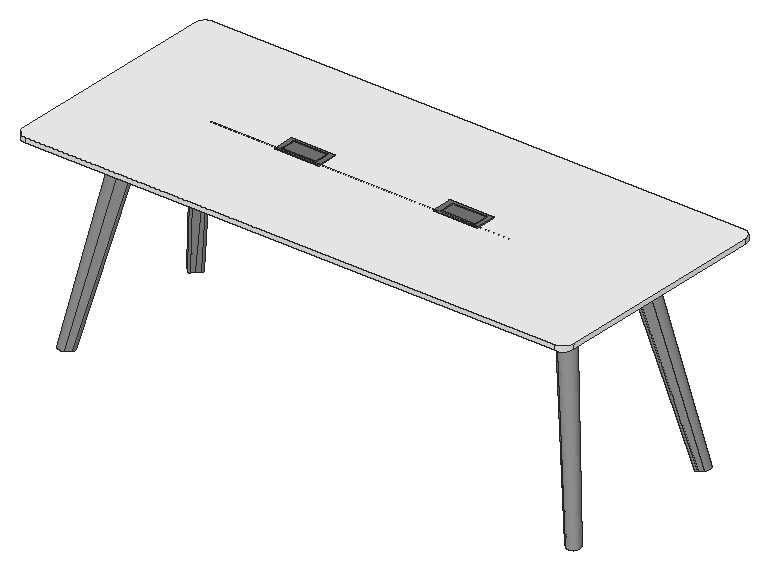
Revit family "GD1 Rectangular Poseur Height", category Furniture, Revit 2019
Family settings
  OmniClass Number = 23.40.20.00
  OmniClass Title = General Furniture and Specialties
  Work Plane-Based = No
  Always vertical = Yes
  Cut with Voids When Loaded = No
  Shared = No
  Room Calculation Point = No
Parameters (values of type "2800 x 1200 C/W Power")
  Width = 2800 mm
  URL = "www.gof.co.uk"
  Table Top = Gresham - White MFC
  Range = "GD1"
  Product Code = "GD1C4"
  Power Module = yes
  Manufacturer = "Gresham Office Furniture"  # constant formula
  Frame = Gresham - Black Metal
  Depth = 1200 mm
  Assembly Code = "E2020200"
Types (7, lengths in mm): name | Width | Product Code | Power Module | Depth
  (no name) | 2800 | "GD1C4" | yes | 1200
  2000 x 1000 | 2000 | "GD1A2" | no | 1000
  2400 x 1200 | 2400 | "GD1B2" | no | 1200
  2800 x 1200 | 2800 | "GD1C2" | no | 1200
  2000 x 1000 C/W Power | 2000 | "GD1A4" | yes | 1000
  2400 x 1200 C/W Power | 2400 | "GD1B4" | yes | 1200
  2800 x 1200 C/W Power | 2800 | "GD1C4" | yes | 1200
Reference planes
  plane 1 "Center (Front/Back)": y = 0
  plane 2: z = 0
  plane 3 "Center (Left/Right)": x = 0
  plane 4: x = 1400
  plane 5: x = -1400
  plane 6: y = 600
  plane 7: y = -600
  plane 8 "Foot": z = 10
  plane 9 "Poseur Underside": z = 1004
Forms (mm)
  Extrusion 1, solid, material "Gresham - White MFC" <- "Table Top"
    sketch origin (0, 0, 1004) x (-1, 0, 0) y (0, -1, 0)
      loop
        line (-1345, -600) -> (1345, -600)
        arc (1345, -600) -> (1383.891, -583.891) -> (1400, -545) r 55
        line (1400, -545) -> (1400, 545)
        arc (1400, 545) -> (1383.891, 583.891) -> (1345, 600) r 55
        line (1345, 600) -> (-1345, 600)
        arc (-1345, 600) -> (-1383.891, 583.891) -> (-1400, 545) r 55
        line (-1400, 545) -> (-1400, -545)
        arc (-1400, -545) -> (-1383.891, -583.891) -> (-1345, -600) r 55
    from 0 to 25
  Extrusion 2, solid, material "Gresham - Black Metal" <- "Frame", detail levels medium+fine
    sketch origin (-13.775, 111.837, -0.834) x (0, 1, 0) y (0, 0, 1)
      loop
        line (-14.939, 967.004) -> (-14.939, 937.004)
        arc (-14.939, 937.004) -> (0.061, 922.004) -> (15.061, 937.004) r 15
        line (15.061, 937.004) -> (15.061, 967.004)
        arc (15.061, 967.004) -> (0.061, 982.004) -> (-14.939, 967.004) r 15
    from -947.554 to 975.104
  Extrusion 3, solid, material "Gresham - Black Metal" <- "Frame", detail levels medium+fine
    sketch origin (-2.399, 2.07, 0) x (1, 0, 0) y (0, 0, 1)
      loop
        line (1008.727, 936.17) -> (1008.727, 966.17)
        arc (1008.727, 966.17) -> (993.727, 981.17) -> (978.727, 966.17) r 15
        line (978.727, 966.17) -> (978.727, 936.17)
        arc (978.727, 936.17) -> (993.727, 921.17) -> (1008.727, 936.17) r 15
    from -79.83 to 83.97
  Extrusion 4, solid, material "Gresham - Black Metal" <- "Frame", detail levels medium+fine
    sketch origin (2.399, 2.07, 0) x (-1, 0, 0) y (0, 0, -1)
      loop
        arc (1008.727, -936.17) -> (993.727, -921.17) -> (978.727, -936.17) r 15
        line (978.727, -936.17) -> (978.727, -966.17)
        arc (978.727, -966.17) -> (993.727, -981.17) -> (1008.727, -966.17) r 15
        line (1008.727, -966.17) -> (1008.727, -936.17)
    from -79.83 to 83.97
  Extrusion 5, solid, material "Gresham - Black Metal" <- "Frame", detail levels medium+fine
    sketch origin (-13.775, -111.837, -0.834) x (0, -1, 0) y (0, 0, -1)
      loop
        arc (-14.939, -967.004) -> (0.061, -982.004) -> (15.061, -967.004) r 15
        line (15.061, -967.004) -> (15.061, -937.004)
        arc (15.061, -937.004) -> (0.061, -922.004) -> (-14.939, -937.004) r 15
        line (-14.939, -937.004) -> (-14.939, -967.004)
    from -947.554 to 975.104
Dimensions and locks
  equal spacing: plane 5, plane 3 "Center (Left/Right)", plane 4
  "Width": plane 5 to plane 4
  equal spacing: plane 7, plane 1 "Center (Front/Back)", plane 6
  "Depth": plane 7 to plane 6
  locked: plane 8 "Foot" to plane 2 at 10
  locked: plane 9 "Poseur Underside" to plane 2 at 1004
  locked: Extrusion 1 to level at 1029
  Extrusion 2 sketch curve to Extrusion 2 sketch curve = 30 mm
  nested 2 to plane 3 "Center (Left/Right)" to nested 1 = 290 mm, 290 mm
  locked: nested 2 to nested 1 at 580
  Extrusion 5 sketch curve to Extrusion 5 sketch curve = 30 mm
  locked: Extrusion 2 to plane 4 at 438.671
  locked: plane 5 to Extrusion 2 at 438.671
  locked: plane 5 to Extrusion 5 at 438.671
  locked: Extrusion 5 to plane 4 at 438.671
  locked: plane 5 to nested 3 at 134.671
  locked: nested 4 to plane 4 at 134.671
  locked: plane 5 to nested 5 at 134.671
  locked: nested 6 to plane 4 at 134.671
  aligned and locked: level to plane 2
Automatic sketch dimensions
  Extrusion 1 sketch curve to plane 4 = 0 mm
  Extrusion 1 sketch curve to plane 7 = 0 mm
  plane 6 to Extrusion 1 sketch curve = 0 mm
  Extrusion 1 sketch curve to plane 5 = 0 mm
  Extrusion 1 sketch curve to plane 4 = 55 mm  (x2)
  Extrusion 1 sketch curve to Extrusion 1 sketch curve = 55 mm
  plane 5 to Extrusion 1 sketch curve = 55 mm
  Extrusion 2 sketch curve to plane 9 "Poseur Underside" = 37.83 mm
  Extrusion 2 sketch curve to plane 1 "Center (Front/Back)" = 96.898 mm
  Extrusion 2 sketch curve to Extrusion 2 sketch curve = 30 mm
  Extrusion 3 sketch curve to plane 9 "Poseur Underside" = 37.83 mm
  Extrusion 3 sketch curve to plane 4 = 423.672 mm
  Extrusion 3 sketch curve to Extrusion 3 sketch curve = 15 mm
  Extrusion 3 sketch curve to Extrusion 3 sketch curve = 30 mm
  Extrusion 4 sketch curve to plane 9 "Poseur Underside" = 37.83 mm
  plane 5 to Extrusion 4 sketch curve = 423.672 mm
  Extrusion 4 sketch curve to Extrusion 4 sketch curve = 15 mm
  Extrusion 4 sketch curve to Extrusion 4 sketch curve = 30 mm
  Extrusion 5 sketch curve to plane 9 "Poseur Underside" = 37.83 mm
  plane 1 "Center (Front/Back)" to Extrusion 5 sketch curve = 96.898 mm
  Extrusion 5 sketch curve to Extrusion 5 sketch curve = 30 mm
Nested families
  nested 1: "Power Module" at (405, 0, 300) x (-1, 0, 0) z (0, 0, 1), visible <- "Power Module", type "Power Module", detail levels medium+fine
  nested 2: "Power Module" at (-405, 0, 300), visible <- "Power Module", type "Power Module", detail levels medium+fine
  nested 3: "Poseur Height Leg" at (-400, 0, 0), type "Poseur Height Leg", detail levels medium+fine
  nested 4: "Poseur Height Leg" at (400, 0, 0) x (-1, 0, 0) z (0, 0, 1), type "Poseur Height Leg", detail levels medium+fine
  nested 5: "Poseur Height Leg" at (-400, 0, 0), type "Poseur Height Leg", detail levels medium+fine
  nested 6: "Poseur Height Leg" at (400, 0, 0) x (-1, 0, 0) z (0, 0, 1), type "Poseur Height Leg", detail levels medium+fine
Definition of nested family "Power Module"
  Parameters (values of type "Power Module")
    URL = "www.gof.co.uk"
    Range = "GD1"
    Product Code = ""
    Power Module = none
    Manufacturer = "Gresham Office Furniture"  # constant formula
    Assembly Code = "E2020200"
  Reference planes
    plane 1 "Center (Front/Back)": y = 0
    plane 2: z = 0
    plane 3 "Center (Left/Right)": x = 0
    plane 4: x = 1000
    plane 5: x = -1000
    plane 6: y = 500
    plane 7: y = -500
    plane 8 "Foot": z = 10
    plane 9 "Table Underside": z = 704
  Forms (mm)
    Extrusion 1, solid, material <- "Power Module"
      sketch origin (415.968, 0, 729) x (-1, 0, 0) y (0, -1, 0)
        loop
          line (305.968, -52.5) -> (520.968, -52.5)
          arc (520.968, -52.5) -> (524.503, -51.036) -> (525.968, -47.5) r 5
          line (525.968, -47.5) -> (525.968, 47.5)
          arc (525.968, 47.5) -> (524.503, 51.036) -> (520.968, 52.5) r 5
          line (520.968, 52.5) -> (305.968, 52.5)
          arc (305.968, 52.5) -> (302.432, 51.036) -> (300.968, 47.5) r 5
          line (300.968, 47.5) -> (300.968, -47.5)
          arc (300.968, -47.5) -> (302.432, -51.036) -> (305.968, -52.5) r 5
        loop
          line (500.968, 0) -> (500.968, 34.5)
          arc (500.968, 34.5) -> (500.089, 36.621) -> (497.968, 37.5) r 3
          line (497.968, 37.5) -> (333.968, 37.5)
          arc (333.968, 37.5) -> (331.846, 36.621) -> (330.968, 34.5) r 3
          line (330.968, 34.5) -> (330.968, 0) -> (330.968, -34.5)
          arc (330.968, -34.5) -> (331.846, -36.621) -> (333.968, -37.5) r 3
          line (333.968, -37.5) -> (497.968, -37.5)
          arc (497.968, -37.5) -> (500.089, -36.621) -> (500.968, -34.5) r 3
          line (500.968, -34.5) -> (500.968, 0)
        loop
          line (333.968, -39.5) -> (497.968, -39.5)
          arc (497.968, -39.5) -> (501.503, -38.036) -> (502.968, -34.5) r 5
          line (502.968, -34.5) -> (502.968, 0) -> (502.968, 34.5)
          arc (502.968, 34.5) -> (501.503, 38.036) -> (497.968, 39.5) r 5
          line (497.968, 39.5) -> (333.968, 39.5)
          arc (333.968, 39.5) -> (330.432, 38.036) -> (328.968, 34.5) r 5
          line (328.968, 34.5) -> (328.968, 0) -> (328.968, -34.5)
          arc (328.968, -34.5) -> (330.432, -38.036) -> (333.968, -39.5) r 5
      from 0 to 3
  Dimensions and locks
    equal spacing: plane 5, plane 3 "Center (Left/Right)", plane 4
    plane 5 to plane 4 = 2000 mm
    equal spacing: plane 7, plane 1 "Center (Front/Back)", plane 6
    plane 7 to plane 6 = 1000 mm
    locked: plane 8 "Foot" to plane 2 at 10
    locked: plane 9 "Table Underside" to plane 2 at 704
    equal spacing: Extrusion 1 sketch curve, plane 1 "Center (Front/Back)", Extrusion 1 sketch curve
    locked: Extrusion 1 to Extrusion 1 at 225
    locked: Extrusion 1 to Extrusion 1 at 105
    equal spacing: Extrusion 1, plane 1 "Center (Front/Back)", Extrusion 1
    aligned and locked: level to plane 2
  Automatic sketch dimensions
    Extrusion 1 sketch curve to Extrusion 1 sketch curve = 0 mm  (x18)
    Extrusion 1 sketch curve to Extrusion 1 sketch curve = 5 mm  (x3)
    Extrusion 1 sketch curve to Extrusion 1 sketch curve = 23 mm
    Extrusion 1 sketch curve to Extrusion 1 sketch curve = 2 mm
    Extrusion 1 sketch curve to Extrusion 1 sketch curve = 3 mm  (x3)
    Extrusion 1 sketch curve to Extrusion 1 sketch curve = 164 mm
    Extrusion 1 sketch curve to Extrusion 1 sketch curve = 18 mm  (x2)
    Extrusion 1 sketch curve to Extrusion 1 sketch curve = 8 mm
    Extrusion 1 sketch curve to Extrusion 1 sketch curve = 34.5 mm  (x2)
    Extrusion 1 sketch curve to Extrusion 1 sketch curve = 13 mm
    plane 1 "Center (Front/Back)" to Extrusion 1 sketch curve = 0 mm
    plane 3 "Center (Left/Right)" to Extrusion 1 sketch curve = 115 mm
Definition of nested family "Poseur Height Leg"
  Parameters (values of type "Poseur Height Leg")
    Width = 2000 mm
    URL = "www.gof.co.uk"
    Range = "GD1"
    Product Code = ""
    Manufacturer = "Gresham Office Furniture"  # constant formula
    Leg Plate = none
    Leg = none
    Frame = none
    Foot = none
    Depth = 1000 mm
    Assembly Code = "E2020200"
  Reference planes
    plane 1 "Center (Front/Back)": y = 0
    plane 2: z = 0
    plane 3 "Center (Left/Right)": x = 0
    plane 4: x = -1000
    plane 5: x = 1000
    plane 6: y = 500
    plane 7: y = -500
    plane 8 "Foot": z = 10
    plane 9 "Table Underside": z = 704
    plane 10 "Poseur Underside": z = 1004
  Forms (mm)
    Blend 1, solid, material <- "Leg"
      base sketch origin (0, 0, 10) x (-1, 0, 0) y (0, -1, 0)
        loop
          line (896.68, 370.671) -> (916.782, 392.997)
          arc (916.782, 392.997) -> (915.657, 435.982) -> (872.671, 437.108) r 31.234
          line (872.671, 437.108) -> (850.346, 417.006)
          arc (850.346, 417.006) -> (846.71, 409.121) -> (849.928, 401.056) r 10.998
          line (849.928, 401.056) -> (865.329, 385.655) -> (880.73, 370.254)
          arc (880.73, 370.254) -> (888.795, 367.036) -> (896.68, 370.671) r 10.998
      top sketch origin (0, 0, 704) x (-1, 0, 0) y (0, -1, 0)
        loop
          line (637.609, 203.812) -> (683.571, 157.85)
          arc (683.571, 157.85) -> (690.642, 154.921) -> (697.713, 157.85) r 10
          line (697.713, 157.85) -> (740.092, 200.228)
          arc (740.092, 200.228) -> (740.092, 260.332) -> (679.987, 260.332) r 42.5
          line (679.987, 260.332) -> (637.609, 217.954)
          arc (637.609, 217.954) -> (634.68, 210.883) -> (637.609, 203.812) r 10
      from 0 to 295
    Extrusion 2, solid, material <- "Leg Plate"
      sketch origin (0, 0, 1004) x (-1, 0, 0) y (0, -1, 0)
        loop
          line (696.855, 156.991) -> (740.092, 200.228)
          arc (740.092, 200.228) -> (740.092, 260.332) -> (679.987, 260.332) r 42.5
          line (679.987, 260.332) -> (636.751, 217.095)
          arc (636.751, 217.095) -> (631.556, 213.625) -> (625.43, 212.406) r 16.01
          line (625.43, 212.406) -> (588.193, 212.406)
          arc (588.193, 212.406) -> (580.65, 208.975) -> (578.28, 201.036) r 10.007
          arc (578.28, 201.036) -> (612.304, 132.544) -> (680.795, 98.52) r 119.987
          arc (680.795, 98.52) -> (688.735, 100.891) -> (692.165, 108.433) r 10.007
          line (692.165, 108.433) -> (692.165, 145.67)
          arc (692.165, 145.67) -> (693.384, 151.797) -> (696.855, 156.991) r 16.01
      from 0 to -5
    Revolve 3, solid, material <- "Foot"
      sketch origin (0.262, -411.941, 0) x (1, 0, 0) y (0, 0, 1)
        loop
          line (-891.876, 10) -> (-891.876, 0) -> (-879.373, 0) -> (-879.373, 7.017) -> (-886.876, 7.017) -> (-886.876, 10) -> (-891.876, 10)
        axis (-891.876, 10) -> (-891.876, 0)
      angle from 0 to 360
    Extrusion 4, solid, material <- "Frame"
      sketch origin (-249.642, -609.237, 300) x (-0.707107, 0.707107, 0) y (0, 0, -1)
        loop
          arc (608.727, -636.17) -> (593.513, -620.956) -> (578.299, -636.17) r 15.214
          line (578.299, -636.17) -> (578.299, -666.17)
          arc (578.299, -666.17) -> (593.513, -681.384) -> (608.727, -666.17) r 15.214
          line (608.727, -666.17) -> (608.727, -636.17)
      from -79.83 to 20.17
    Extrusion 5, solid, material <- "Frame"
      sketch origin (102.07, -2.07, 310) x (-1, 0, 0) y (0, -1, 0)
        loop
          line (675.226, 79.83) -> (712.228, 79.83) -> (712.228, 98.023)
          arc (712.228, 98.023) -> (712.989, 101.85) -> (715.157, 105.094) r 10
          line (715.157, 105.094) -> (728.023, 117.96) -> (701.86, 144.123) -> (688.994, 131.257)
          arc (688.994, 131.257) -> (685.75, 129.089) -> (681.923, 128.328) r 10
          line (681.923, 128.328) -> (663.728, 128.328) -> (663.728, 91.328)
          arc (663.728, 91.328) -> (671.859, 87.96) -> (675.226, 79.83) r 11.498
      from 608.17 to 674.17
  Dimensions and locks
    equal spacing: plane 4, plane 3 "Center (Left/Right)", plane 5
    "Width": plane 4 to plane 5
    equal spacing: plane 6, plane 1 "Center (Front/Back)", plane 7
    "Depth": plane 6 to plane 7
    locked: plane 8 "Foot" to plane 2 at 10
    locked: plane 9 "Table Underside" to plane 2 at 704
    locked: plane 10 "Poseur Underside" to plane 2 at 1004
    aligned and locked: level to plane 2
